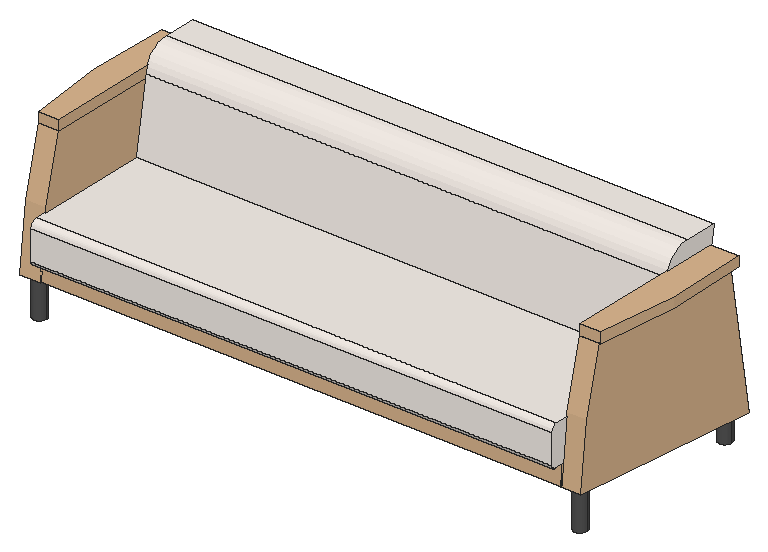
Revit family "Sofa-Pensi", category Furniture, Revit 2018
Family settings
  OmniClass Number = 23.40.20.14.14.14
  OmniClass Title = Settees, Sofas
  Work Plane-Based = No
  Always vertical = Yes
  Cut with Voids When Loaded = No
  Shared = No
  Room Calculation Point = No
Parameters (values of type "84"")
  Frame Material = Cherry
  Assembly Code = "E2020200"
  Length = 7' - 0"
  Seat Material = Linen, Beige
  Feet Material = Steel, Chrome Plated
Types (3): name | Length
  (no name) | 7' - 0"
  84" | 7' - 0"
  65" | 5' - 5"
Reference planes (in)
  plane 1 "Center (Front/Back)": y = 10.90984
  plane 2: z = 0
  plane 3 "Center (Left/Right)": x = 10.96875
  plane 4: y = 27.40984
  plane 5: y = -5.59016
  plane 6: x = 52.96875
  plane 7: x = -31.03125
  plane 8: z = 29
  plane 9: z = 16
  plane 10: x = 49.96875
  plane 11: x = -28.03125
  plane 12: x = -29.53125
  plane 13: x = 51.46875
  plane 14: y = 24.90984
  plane 15: y = -2.09016
Forms (in)
  Extrusion 1, solid, material "Linen, Beige" <- "Seat Material"
    sketch origin (0, 0, 0) x (0, 1, 0) y (0, 0, 1)
      loop
        arc (-5.59016, 9.45378) -> (-5.40711, 9.01184) -> (-4.96516, 8.82878) r 0.625
        line (-4.96516, 8.82878) -> (26.2856, 8.82878) -> (23.99755, 24.41622) -> (24.65884, 28.5857) -> (19.77383, 28.5857)
        arc (19.77383, 28.5857) -> (17.20268, 27.64988) -> (15.8346, 25.2803) r 4
        line (15.8346, 25.2803) -> (13.99171, 14.82878) -> (-4.59016, 14.82878)
        arc (-4.59016, 14.82878) -> (-5.29727, 14.53589) -> (-5.59016, 13.82878) r 1
        line (-5.59016, 13.82878) -> (-5.59016, 9.45378)
    from -28.03125 to 49.96875
  Extrusion 2, solid, material "Cherry" <- "Frame Material"
    sketch origin (49.96875, 0, 0) x (0, 1, 0) y (0, 0, 1)
      loop
        line (-3.85, 5.87837) -> (27.40984, 3.14349) -> (23.96424, 24.64647) -> (-0.36986, 24.64647)
        arc (-0.36986, 24.64647) -> (-2.82561, 15.39513) -> (-3.85, 5.87837) r 62.93472
    from 0 to 3
  Extrusion 3, solid, material "Cherry" <- "Frame Material"
    sketch origin (-28.03125, 0, 0) x (0, 1, 0) y (0, 0, 1)
      loop
        line (23.96424, 24.64647) -> (-0.36986, 24.64647)
        arc (-0.36986, 24.64647) -> (-2.82561, 15.39513) -> (-3.85, 5.87837) r 62.93472
        line (-3.85, 5.87837) -> (27.40984, 3.14349) -> (23.96424, 24.64647)
    from 0 to -3
  Extrusion 4, solid, material "Cherry" <- "Frame Material"
    sketch origin (49.96875, 0, 0) x (0, 1, 0) y (0, 0, 1)
      loop
        line (-3.68879, 8.82878) -> (-3.68879, 5.82878) -> (26.31121, 5.82878) -> (26.31121, 8.82878) -> (-3.68879, 8.82878)
    from 0 to -78
  Extrusion 5, solid, material "Cherry" <- "Frame Material"
    sketch origin (-28.03125, 23.96424, 24.64647) x (-1, 0, 0) y (0, -1, 0)
      loop
        line (3, 24.3341) -> (0, 24.3341) -> (0, 0) -> (4, 0)
        arc (4, 0) -> (4.35795, 12.20231) -> (3, 24.3341) r 86.77548
      loop
        arc (-81.08351, 24.3341) -> (-82.53835, 12.20426) -> (-82.27875, -0.00975) r 86.9494
        line (-82.27875, -0.00975) -> (-78, -0.00975) -> (-78, 24.3341) -> (-81.08351, 24.3341)
    from 0 to 1.5
  Extrusion 6, solid, material "Steel, Chrome Plated" <- "Feet Material"
    sketch origin (0, 0, 0) x (1, 0, 0) y (0, 1, 0)
      loop
        circle (-29.53125, -2.09016) r 1
      loop
        circle (-29.53125, 24.90984) r 1
      loop
        circle (51.46875, 24.90984) r 1
      loop
        circle (51.46875, -2.09016) r 1
    from 0 to 5.84375
Lines and regions (in)
  Masking region 1
    outline origin (0, 0, 0) x (1, 0, 0) y (0, 1, 0)
      loop
        line (-28.03125, 27.40984) -> (-31.03125, 27.40984) -> (-31.03125, 23.96424) -> (-32.03125, 23.96424)
        arc (-32.03125, 23.96424) -> (-32.3892, 11.76194) -> (-31.03125, -0.36986) r 86.77548
        line (-31.03125, -0.36986) -> (-31.03125, -3.85) -> (-28.03125, -3.85) -> (-28.03125, -5.59016) -> (49.96875, -5.59016) -> (49.96875, -3.85) -> (52.96875, -3.85) -> (52.96875, -0.79898)
        arc (52.96875, -0.79898) -> (54.49611, 11.54167) -> (54.2475, 23.974) r 86.9494
        line (54.2475, 23.974) -> (52.96875, 23.974) -> (52.96875, 27.40984) -> (49.96875, 27.40984) -> (49.96875, 26.31121) -> (-28.03125, 26.31121) -> (-28.03125, 27.40984)
  symbolic lines
    curve 1: line (-28.03125, 26.2856, 0) -> (-28.03125, -3.85, 0)
    curve 2: line (-28.03125, 19.77383, 0) -> (49.96875, 19.77383, 0)
    curve 3: line (-28.03125, 19.77383, 0) -> (-28.03125, -3.85, 0)
    curve 4: line (49.96875, 19.77383, 0) -> (49.96875, -3.85, 0)
    curve 5: line (-28.03125, 26.2856, 0) -> (-28.03125, 19.77383, 0)
    curve 6: line (-28.03125, 19.77383, 0) -> (49.96875, 19.77383, 0)
    curve 7: line (49.96875, 26.2856, 0) -> (49.96875, 19.77383, 0)
    curve 8: line (-31.03125, 23.96424, 0) -> (-28.03125, 23.96424, 0)
    curve 9: line (-31.03125, -0.36986, 0) -> (-28.03125, -0.36986, 0)
    curve 10: line (49.96875, -0.36986, 0) -> (52.96875, -0.36986, 0)
    curve 11: line (52.96875, 23.974, 0) -> (49.96875, 23.974, 0)
Dimensions and locks (in)
  equal spacing: plane 7, plane 3 "Center (Left/Right)", plane 6
  "Length": plane 7 to plane 6
  equal spacing: plane 5, plane 1 "Center (Front/Back)", plane 4
  locked: plane 5 to plane 4 at 33
  locked: plane 14 to plane 4 at 2.5
  locked: plane 5 to plane 15 at 3.5
  locked: plane 7 to plane 11 at 3
  locked: plane 10 to plane 6 at 3
  locked: plane 7 to plane 12 at 1.5
  locked: plane 13 to plane 6 at 1.5
  Masking region 1 to Extrusion 5 = 0' - 3.48015"
  aligned and locked: Extrusion 1 to plane 10
  aligned and locked: plane 11 to Extrusion 1
  aligned and locked: Extrusion 2 to plane 6
  aligned and locked: plane 7 to Extrusion 3
  aligned and locked: Extrusion 1 to Extrusion 4 sketch curve
  aligned and locked: plane 11 to Extrusion 4
  aligned and locked: Extrusion 5 sketch curve to Extrusion 5 sketch curve
  aligned and locked: Extrusion 5 sketch curve to Extrusion 3
  aligned and locked: plane 5 to Extrusion 1
  aligned and locked: Masking region 1 sketch curve to Extrusion 3
  aligned and locked: Masking region 1 sketch curve to plane 4
  aligned and locked: Masking region 1 sketch curve to plane 6  (x2)
  aligned and locked: plane 6 to curve 10
  aligned and locked: Extrusion 5 to Masking region 1
  aligned and locked: plane 7 to Masking region 1 sketch curve
  aligned and locked: Masking region 1 sketch curve to Extrusion 5  (x2)
  aligned and locked: Extrusion 5 to Masking region 1 sketch curve
Automatic sketch dimensions
  Extrusion 1 sketch curve to plane 5 = 0' - 0"
  Extrusion 1 sketch curve to Extrusion 1 sketch curve = 0' - 0 5/8"
  Extrusion 1 sketch curve to Extrusion 1 sketch curve = 0' - 1"
  Extrusion 1 sketch curve to plane 1 "Center (Front/Back)" = 0' - 3.08188"
  Extrusion 1 sketch curve to plane 1 "Center (Front/Back)" = 0' - 4.92476"
  Extrusion 1 sketch curve to Extrusion 1 sketch curve = 0' - 3.93923"
  plane 4 to Extrusion 1 sketch curve = 0' - 3.41229"
  plane 8 to Extrusion 1 sketch curve = 0' - 0.4143"
  plane 4 to Extrusion 1 sketch curve = 0' - 2.751"
  plane 4 to Extrusion 1 sketch curve = 0' - 1.12424"
  Extrusion 1 sketch curve to Extrusion 1 sketch curve = 0' - 3.30541"
  Extrusion 1 sketch curve to Extrusion 1 sketch curve = 0' - 4.16949"
  plane 9 to Extrusion 1 sketch curve = 0' - 1.17122"
  Extrusion 1 sketch curve to Extrusion 1 sketch curve = 0' - 4 3/8"
  Extrusion 4 sketch curve to plane 5 = 0' - 1.90138"
  plane 4 to Extrusion 4 sketch curve = 0' - 1.09862"
  Extrusion 4 sketch curve to Extrusion 4 sketch curve = 0' - 3"
  Extrusion 5 sketch curve to plane 10 = 0' - 0"
  Extrusion 5 sketch curve to plane 11 = 0' - 0"
  Extrusion 5 sketch curve to plane 6 = 0' - 0.08351"
  Extrusion 5 sketch curve to plane 6 = 0' - 1.27875"
  Extrusion 5 sketch curve to plane 6 = 0' - 1.34435"
  plane 7 to Extrusion 5 sketch curve = 0' - 0"
  plane 7 to Extrusion 5 sketch curve = 0' - 1"
  plane 7 to Extrusion 5 sketch curve = 0' - 1.30643"
  plane 4 to Extrusion 5 sketch curve = 0' - 3.44559"
  plane 4 to Extrusion 5 sketch curve = 0' - 3.43584"
  Extrusion 6 sketch curve to plane 14 = 0' - 0"  (x2)
  Extrusion 6 sketch curve to plane 15 = 0' - 0"  (x2)
  Extrusion 6 sketch curve to plane 12 = 0' - 0"  (x2)
  Extrusion 6 sketch curve to plane 13 = 0' - 0"  (x2)
  Extrusion 6 sketch curve to plane 7 = 0' - 0 1/2"  (x2)
  Extrusion 6 sketch curve to plane 10 = 0' - 0 1/2"  (x2)
  Extrusion 2 sketch curve to Extrusion 1 = 0' - 1.74016"
  Extrusion 2 sketch curve to Extrusion 1 = 0' - 3.93923"
  Extrusion 2 sketch curve to Extrusion 1 = 0' - 5.22031"
  Extrusion 2 sketch curve to Extrusion 2 sketch curve = 2' - 0.3341"
  Extrusion 1 to Extrusion 2 sketch curve = 0' - 5.68529"
  Extrusion 2 sketch curve to Extrusion 2 sketch curve = 0' - 3.44559"
  Extrusion 1 to Extrusion 2 sketch curve = 0' - 4.90796"
  Extrusion 2 sketch curve to Extrusion 2 sketch curve = 2' - 7.64443"
  Extrusion 1 to Extrusion 3 sketch curve = 0' - 1.74016"
  Extrusion 1 to Extrusion 3 sketch curve = 0' - 3.93923"
  Extrusion 1 to Extrusion 3 sketch curve = 0' - 5.22031"
  Extrusion 3 sketch curve to Extrusion 3 sketch curve = 2' - 0.3341"
  Extrusion 3 sketch curve to Extrusion 3 sketch curve = 0' - 3.44559"
  Extrusion 3 sketch curve to Extrusion 1 = 0' - 5.68529"
  Extrusion 3 sketch curve to Extrusion 1 = 0' - 4.90796"
  Extrusion 3 sketch curve to Extrusion 3 sketch curve = 2' - 7.64443"
  curve 9 to plane 7 = 0' - 0"
  curve 8 to plane 7 = 0' - 0"
  curve 2 to plane 11 = 0' - 0"
  curve 7 to plane 10 = 0' - 0"
  curve 11 to plane 6 = 0' - 0"
  curve 1 to plane 5 = 0' - 1.74016"
  curve 4 to plane 5 = 0' - 1.74016"
  curve 1 to curve 9 = 0' - 3.48015"
  curve 4 to curve 10 = 0' - 3.48015"
  plane 4 to curve 2 = 0' - 7.63601"
  plane 4 to curve 8 = 0' - 3.44559"
  plane 4 to curve 11 = 0' - 3.43584"
  plane 4 to curve 5 = 0' - 1.12424"
  plane 4 to curve 7 = 0' - 1.12424"
  Masking region 1 sketch curve to plane 7 = 0' - 0"
  Masking region 1 sketch curve to plane 5 = 0' - 0"
  Masking region 1 sketch curve to plane 11 = 0' - 0"  (x2)
  Masking region 1 sketch curve to plane 10 = 0' - 0"  (x2)
  Masking region 1 sketch curve to Masking region 1 sketch curve = 0' - 1"
  Masking region 1 sketch curve to plane 5 = 0' - 1.74016"  (x2)
  plane 4 to Masking region 1 sketch curve = 0' - 1.09862"
